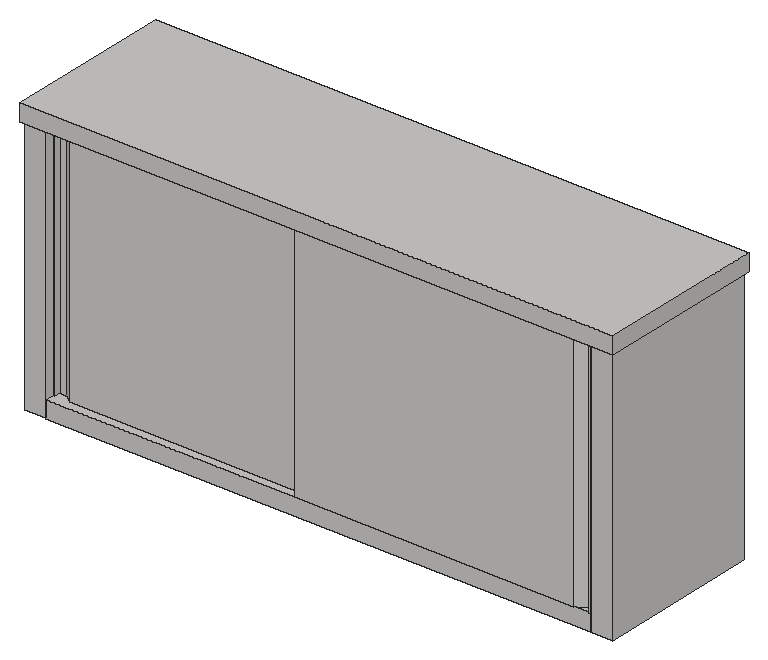
Revit family "QF_ZANUSSI_132832_PS1400LCN", category Attrezzature speciali, Revit 2020
Family settings
  Quota connettore circolare = Usa diametro
  Tipo di parte = Normale
  Basato su piano di lavoro = No
  Sempre verticale = Sì
  Taglio con vuoti quando caricato = No
  Condiviso = No
  Punto di calcolo locali = No
Parameters (values of type "Standard")
  Weight = 31.00 kg
  Watts = 0 W
  Volts = 0 V
  URL Manufacturer = "http://www.zanussiprofessional.com"
  URL = "http://www.zanussiprofessional.com"
  Steam Supply Size = 0 mm
  Steam Supply Minimum Pressure = 0.0 Pa
  Steam Supply Maximum Pressure = 0.0 Pa
  Steam Consumption per Hour = 0
  Refrigeration Suction Line Size = 0.0 mm
  Refrigeration Liquid Line Size = 0.0 mm
  Refrigerant Compressor Remote = yes
  Prospetto di default = 0.0 mm
  Produttore = "Zanussi"
  Phase = 0
  Modello = "PS1400LCN"
  Length Actual = 1400.0 mm  # constant formula
  Item Number = "132832"
  Hot Water Size = 0 mm
  Height Actual = 650.0 mm  # constant formula
  HP = "0 HP"
  Gas Size = 0 mm
  Gas KW = 0
  Gas Input Pressure = 0 W
  Direct Waste Size = 0 mm
  Descrizione = "WALL CUPBOARD W/2 SLIDING DOORS 1400 MM"
  Depth Actual = 400.0 mm  # constant formula
  Cycle = 0 Hz
  Condensate Return Size = 0 mm
  Compressed Air Volume = 0.0 L/s
  Compressed Air Size = 0 mm
  Compressed Air Pressure = 0.0 Pa
  Cold Water Size = 0 mm
  Accessory = yes
Reference planes
  plane 1 "Center (Front/Back)": y = 0
  plane 2: z = 0
  plane 3 "Center (Left/Right)": x = -200
  plane 4 "LEFT": x = -900
  plane 5 "RIGHT": x = 500
  plane 6 "BACK": y = 200
  plane 7 "FRONT": y = -200
  plane 8 "Base": z = 2160
  plane 9 "TOP": z = 2200
  plane 10 "BodyLeft": x = -894.5
  plane 11 "BodyFront": y = -194.5
  plane 12 "BodyRight": x = 494.5
  plane 13 "BodyBack": y = 194.5
  plane 14 "FEET": z = 1550
  plane 15: x = -144.5
  plane 16: x = -255.5
Forms (mm)
  Extrusion 1, solid, material "QF_Finishes_Stainless Steel"
    sketch origin (-200, 0, 0) x (0, 1, 0) y (0, 0, 1)
      loop
        line (-200, 2160) -> (200, 2160) -> (200, 2200) -> (-200, 2200) -> (-200, 2160)
    from 700 to -700
  Extrusion 2, solid, material "QF_Finishes_Stainless Steel"
    sketch origin (0, 0, 1550) x (-1, 0, 0) y (0, -1, 0)
      loop
        line (894.5, -194.5) -> (894.5, 194.5) -> (844.5, 194.5) -> (844.5, -194.5) -> (894.5, -194.5)
      loop
        line (-444.5, -194.5) -> (-444.5, 194.5) -> (-494.5, 194.5) -> (-494.5, -194.5) -> (-444.5, -194.5)
    from 0 to 610
  Extrusion 3, solid, material "QF_Finishes_Stainless Steel"
    sketch origin (0, 0, 1550) x (-1, 0, 0) y (0, -1, 0)
      loop
        line (843.585, -194.5) -> (843.585, 194.5) -> (-444.5, 194.5) -> (-444.5, -194.5) -> (843.585, -194.5)
    from 0 to 40
  Extrusion 4, solid, material "QF_Finishes_Stainless Steel"
    sketch origin (0, 0, 1550) x (-1, 0, 0) y (0, -1, 0)
      loop
        line (843.585, -194.5) -> (843.585, -144.5) -> (-444.5, -144.5) -> (-444.5, -194.5) -> (843.585, -194.5)
    from 40 to 610
  Extrusion 5, solid, material "QF_Finishes_Stainless Steel"
    sketch origin (0, 0, 1550) x (-1, 0, 0) y (0, -1, 0)
      loop
        line (-444.5, 194.5) -> (-444.5, 174.5) -> (255.5, 174.5) -> (255.5, 194.5) -> (-404.5, 194.5) -> (-424.5, 179.5) -> (-439.5, 179.5) -> (-439.5, 194.5) -> (-444.5, 194.5)
    from 40 to 610
  Extrusion 6, solid, material "QF_Finishes_Stainless Steel"
    sketch origin (0, 20, 1550) x (1, 0, 0) y (0, 1, 0)
      loop
        line (-844.5, -194.5) -> (-839.5, -194.5) -> (-839.5, -179.5) -> (-824.5, -179.5) -> (-804.5, -194.5) -> (-144.5, -194.5) -> (-144.5, -174.5) -> (-844.5, -174.5) -> (-844.5, -194.5)
    from 40 to 610
Lines and regions (mm)
  symbolic lines
    curve 1: line (500, 200, 2200) -> (-900, 200, 2200)
    curve 2: line (-900, 200, 2200) -> (-900, -200, 2200)
    curve 3: line (-900, -200, 2200) -> (500, -200, 2200)
    curve 4: line (500, -200, 2200) -> (500, 200, 2200)
    curve 5: line (-900, -200, 1550) -> (500, 200, 1550)
  symbolic lines, style "SpecialityEquipmentHiddenLines"
    curve 6: line (-894.5, 194.5, 1550) -> (494.5, 194.5, 1550)
    curve 7: line (-894.5, -194.5, 1550) -> (-894.5, 194.5, 1550)
    curve 8: line (494.5, -194.5, 1550) -> (-894.5, -194.5, 1550)
    curve 9: line (494.5, 194.5, 1550) -> (494.5, -194.5, 1550)
    curve 10: line (-844.5, -154.5, 1550) -> (-144.5, -154.5, 1550)
    curve 11: line (-844.5, -174.5, 1550) -> (-844.5, -154.5, 1550)
    curve 12: line (444.5, -174.5, 1550) -> (-844.5, -174.5, 1550)
    curve 13: line (-144.5, -154.5, 1550) -> (-144.5, -174.5, 1550)
    curve 14: line (-255.5, -174.5, 1550) -> (-255.5, -194.5, 1550)
    curve 15: line (444.5, -174.5, 1550) -> (444.5, -194.5, 1550)
Dimensions and locks
  plane 4 "LEFT" to plane 5 "RIGHT" = 1400.0 mm
  equal spacing: plane 4 "LEFT", plane 3 "Center (Left/Right)", plane 5 "RIGHT"
  locked: plane 8 "Base" to level at 2160
  locked: plane 9 "TOP" to level at 2200
  plane 6 "BACK" to plane 7 "FRONT" = 400.0 mm
  equal spacing: plane 6 "BACK", plane 1 "Center (Front/Back)", plane 7 "FRONT"
  locked: plane 4 "LEFT" to plane 10 "BodyLeft" at 5.5
  locked: plane 12 "BodyRight" to plane 5 "RIGHT" at 5.5
  locked: plane 11 "BodyFront" to plane 7 "FRONT" at 5.5
  locked: plane 6 "BACK" to plane 13 "BodyBack" at 5.5
  locked: plane 10 "BodyLeft" to Extrusion 2 sketch curve at 50
  locked: Extrusion 2 sketch curve to Extrusion 2 sketch curve at 50
  Extrusion 3 to Extrusion 4 sketch curve = 50.0 mm
  Extrusion 2 to plane 15 = 700.0 mm
  plane 16 to Extrusion 2 = 700.0 mm
  plane 9 "TOP" to plane 14 "FEET" = 650.0 mm
  locked: plane 8 "Base" to Extrusion 3 at 570
  aligned and locked: level to plane 2
  aligned and locked: Extrusion 1 to plane 4 "LEFT"
  aligned and locked: plane 5 "RIGHT" to Extrusion 1
  aligned and locked: curve 2 to plane 4 "LEFT"
  aligned and locked: plane 13 "BodyBack" to Extrusion 2 sketch curve
  aligned and locked: Extrusion 2 sketch curve to plane 11 "BodyFront"
  aligned and locked: Extrusion 2 sketch curve to plane 10 "BodyLeft"
  aligned and locked: plane 12 "BodyRight" to Extrusion 2 sketch curve
  aligned and locked: Extrusion 2 sketch curve to plane 13 "BodyBack"
  aligned and locked: plane 11 "BodyFront" to Extrusion 2 sketch curve
  aligned and locked: Extrusion 3 sketch curve to plane 13 "BodyBack"
  aligned and locked: plane 11 "BodyFront" to Extrusion 3 sketch curve
  aligned and locked: plane 8 "Base" to Extrusion 2
  aligned and locked: Extrusion 4 sketch curve to Extrusion 3
  aligned and locked: plane 8 "Base" to Extrusion 5
  aligned and locked: Extrusion 5 to Extrusion 3
  aligned and locked: Extrusion 6 sketch curve to plane 15
  aligned and locked: Extrusion 5 sketch curve to plane 16
  aligned and locked: Extrusion 1 to plane 8 "Base"
  aligned and locked: plane 9 "TOP" to Extrusion 1
  aligned and locked: curve 6 to plane 13 "BodyBack"
  aligned and locked: plane 11 "BodyFront" to curve 8
  aligned and locked: plane 12 "BodyRight" to curve 9
  aligned and locked: plane 10 "BodyLeft" to curve 7
Automatic sketch dimensions
  curve 3 to plane 7 "FRONT" = 0.0 mm
  curve 4 to plane 6 "BACK" = 0.0 mm
  Extrusion 1 sketch curve to plane 7 "FRONT" = 0.0 mm
  plane 9 "TOP" to Extrusion 1 sketch curve = 0.0 mm
  Extrusion 1 sketch curve to plane 6 "BACK" = 0.0 mm
  Extrusion 1 sketch curve to plane 8 "Base" = 0.0 mm
  Extrusion 5 sketch curve to plane 11 "BodyFront" = 0.0 mm  (x2)
  Extrusion 5 sketch curve to Extrusion 5 sketch curve = 5.0 mm
  Extrusion 5 sketch curve to Extrusion 5 sketch curve = 15.0 mm
  Extrusion 5 sketch curve to Extrusion 5 sketch curve = 20.0 mm
  plane 11 "BodyFront" to Extrusion 5 sketch curve = 15.0 mm
  plane 11 "BodyFront" to Extrusion 5 sketch curve = 20.0 mm
  Extrusion 6 sketch curve to plane 11 "BodyFront" = 20.0 mm  (x2)
  Extrusion 6 sketch curve to Extrusion 6 sketch curve = 5.0 mm
  Extrusion 6 sketch curve to Extrusion 6 sketch curve = 15.0 mm
  Extrusion 6 sketch curve to Extrusion 6 sketch curve = 20.0 mm  (x2)
  Extrusion 6 sketch curve to plane 11 "BodyFront" = 35.0 mm
  plane 10 "BodyLeft" to Extrusion 3 sketch curve = 50.915 mm
  plane 10 "BodyLeft" to Extrusion 4 sketch curve = 50.915 mm
  Extrusion 6 sketch curve to plane 10 "BodyLeft" = 90.0 mm
  plane 12 "BodyRight" to Extrusion 3 sketch curve = 50.0 mm
  plane 12 "BodyRight" to Extrusion 4 sketch curve = 50.0 mm
  plane 12 "BodyRight" to Extrusion 5 sketch curve = 90.0 mm
  curve 4 to plane 5 "RIGHT" = 0.0 mm
  curve 5 to plane 5 "RIGHT" = 0.0 mm
  curve 13 to plane 15 = 0.0 mm
  curve 14 to plane 16 = 0.0 mm
  curve 5 to plane 4 "LEFT" = 0.0 mm
  curve 5 to plane 6 "BACK" = 0.0 mm
  curve 5 to plane 7 "FRONT" = 0.0 mm
  plane 10 "BodyLeft" to curve 11 = 50.0 mm
  plane 11 "BodyFront" to curve 13 = 40.0 mm
  plane 11 "BodyFront" to curve 12 = 20.0 mm
  plane 12 "BodyRight" to curve 15 = 50.0 mm
